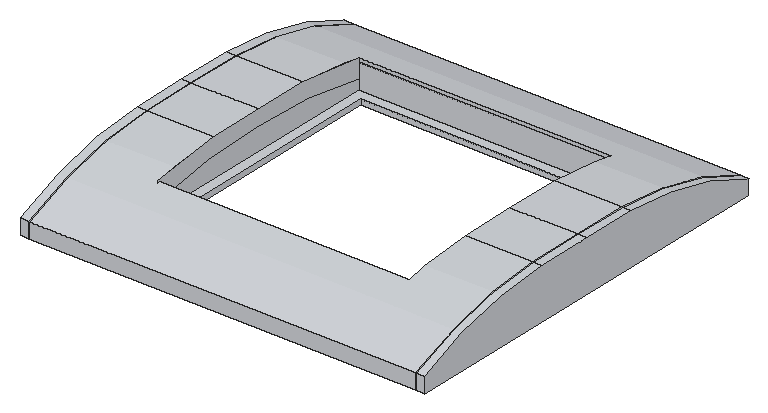
Revit family "Gira_100213", category Electrical Fixtures, host Face, Revit 2017
Family settings
  Host = Face
  Maintain Annotation Orientation = No
  Round Connector Dimension = Use Diameter
  Part Type = Normal
  Cut with Voids When Loaded = No
  Shared = No
  Room Calculation Point = No
Parameters (values of type "Cov.fr. 2-g w/o cb interm.fr. AN Gira Event Opaque dark brown")
  With mounting grid = "No"
  With hinged lid = "No"
  URL = "http://katalog.gira.de/en/datenblatt.html?artikelnr=100213"
  Type of fastening = "Clamp mounting"
  Transparent = "No"
  Surface protection = "Other"
  Suitable for wall duct = "No"
  Suitable for flush-mounted installation = "Yes"
  Suitable for floor box = "No"
  Suitable for built-in installation = "No"
  Number of units vertical = "2"
  Number of units horizontal = "2"
  Number of units = "2"
  Name = "Cov.fr. 2-g w/o cb interm.fr. AN Gira Event Opaque dark brown"
  Mounting direction = "Horizontal and vertical"
  Material quality = "Thermoplastic"
  Material = "Plastic"
  Manufacturer URL = "https://www.gira.de/"
  Manufacturer = "Gira"
  Label space/information surface = "No"
  Keynote = ""
  HeinzeBIM = "https://bimportal.heinze.de/bim/cov-fr-2-g-w-o-cb-interm-fr-an-gira-event-opaque-dark-brown/c50de7bd685c5fb61efdd2f61169c3ebc1b62d2a"
  Halogen free = "Yes"
  HAN = "100213"
  GTIN = "4010337003373"
  Description = "Cov.fr.2g w o cb i.fr.AN EvOp DBN,Gira Event Opaque frames,dark brown with anthracite intermediate frame,2-gang without crossbar,Features:,- Shatter-proof."
  Degree of protection (IP) = "IP20"
  Default Elevation = 1219.2 mm
  Data sheet (1) = "https://katalog.gira.de/en/download.html?artikelnr=100213"
  Colour = "Brown"
  Category = "Cover frame for domestic switching devices"
  BIM (1) = "https://media.stage.bim.site/public/gira/36a6b08/Event_Rahmen_2fach o.Mittelsteg.rfa?public/gira/36a6b08/Event_Rahmen_2fach o.Mittelsteg.rfa"
  Available = "No"
Reference planes
  plane 1 "Center (Front/Back)": y = 0
  plane 2: z = 0
  plane 3 "Center (Left/Right)": x = 0
Forms (mm)
  Extrusion 1, solid, detail levels fine
    sketch origin (0, 0, 1.55) x (0, 1, 0) y (0, 0, 1)
      loop
        arc (12.445, 9.683) -> (6.223, 9.833) -> (0, 9.85) r 291.636
        arc (0, 9.85) -> (-6.223, 9.833) -> (-12.445, 9.683) r 291.636
        arc (-12.445, 9.683) -> (-29.14, 7.482) -> (-45, 1.823) r 79.728
        line (-45, 1.823) -> (-45, -1.55) -> (-41.777, -1.55) -> (-41.777, -0.55)
        arc (-41.777, -0.55) -> (-21.205, 4.846) -> (0, 6.467) r 118.15
        arc (0, 6.467) -> (21.205, 4.846) -> (41.777, -0.55) r 118.15
        line (41.777, -0.55) -> (41.777, -1.55) -> (45, -1.55) -> (45, 1.823)
        arc (45, 1.823) -> (29.14, 7.482) -> (12.445, 9.683) r 79.728
    from -43 to 43
  Extrusion 2, void, detail levels fine
    sketch origin (0, 0, 0) x (1, 0, 0) y (0, 1, 0)
      loop
        line (-28, -28) -> (28, -28) -> (28, 28) -> (-28, 28) -> (-28, -28)
    from 2.85 to 12
  Extrusion 3, solid, detail levels coarse
    sketch origin (0, 0, 0) x (1, 0, 0) y (0, 1, 0)
      loop
        line (-45, 45) -> (-45, -45) -> (45, -45) -> (45, 45) -> (-45, 45)
    from 0 to 11.4
  Extrusion 4, solid, detail levels medium
    sketch origin (0, 0, 1.55) x (0, 1, 0) y (0, 0, 1)
      loop
        arc (12.445, 9.683) -> (6.223, 9.833) -> (0, 9.85) r 291.636
        arc (0, 9.85) -> (-6.223, 9.833) -> (-12.445, 9.683) r 291.636
        arc (-12.445, 9.683) -> (-29.14, 7.482) -> (-45, 1.823) r 79.728
        line (-45, 1.823) -> (-45, -1.55) -> (45, -1.55) -> (45, 1.823)
        arc (45, 1.823) -> (29.14, 7.482) -> (12.445, 9.683) r 79.728
    from -45 to 45
  Extrusion 5, solid, detail levels fine
    sketch origin (0, 0, 0) x (0, 1, 0) y (0, 0, 1)
      loop
        arc (45, 3.373) -> (29.14, 9.032) -> (12.445, 11.233) r 79.728
        arc (12.445, 11.233) -> (6.223, 11.383) -> (0, 11.4) r 291.636
        arc (0, 11.4) -> (-6.223, 11.383) -> (-12.445, 11.233) r 291.636
        arc (-12.445, 11.233) -> (-29.14, 9.032) -> (-45, 3.373) r 79.728
        line (-45, 3.373) -> (-45, 0) -> (45, 0) -> (45, 3.373)
    from 43 to 45
  Extrusion 6, solid, detail levels fine
    sketch origin (0, 0, 0) x (0, 1, 0) y (0, 0, -1)
      loop
        line (45, -3.373) -> (45, 0) -> (-45, 0) -> (-45, -3.373)
        arc (-45, -3.373) -> (-29.14, -9.032) -> (-12.445, -11.233) r 79.728
        arc (-12.445, -11.233) -> (-6.223, -11.383) -> (0, -11.4) r 291.636
        arc (0, -11.4) -> (6.223, -11.383) -> (12.445, -11.233) r 291.636
        arc (12.445, -11.233) -> (29.14, -9.032) -> (45, -3.373) r 79.728
    from 43 to 45
  Extrusion 7, solid, detail levels fine
    sketch origin (0, 0, 0) x (1, 0, 0) y (0, 1, 0)
      loop
        line (-25.7, 25.7) -> (-25.7, -25.7) -> (25.7, -25.7) -> (25.7, 25.7) -> (-25.7, 25.7)
      loop
        line (-29.495, 27.895) -> (-29.495, -27.895)
        spline (-29.495, -27.895) -> (-29.486, -28.025) -> (-29.461, -28.154) -> (-29.419, -28.278) -> (-29.361, -28.395) -> (-29.288, -28.504) -> (-29.202, -28.602) -> (-29.104, -28.688) -> (-28.995, -28.761) -> (-28.878, -28.819) -> (-28.754, -28.861) -> (-28.625, -28.886) -> (-28.495, -28.895)
        line (-28.495, -28.895) -> (28.495, -28.895)
        spline (28.495, -28.895) -> (28.625, -28.886) -> (28.754, -28.861) -> (28.878, -28.819) -> (28.995, -28.761) -> (29.104, -28.688) -> (29.202, -28.602) -> (29.288, -28.504) -> (29.361, -28.395) -> (29.419, -28.278) -> (29.461, -28.154) -> (29.486, -28.025) -> (29.495, -27.895)
        line (29.495, -27.895) -> (29.495, 27.895)
        spline (29.495, 27.895) -> (29.486, 28.025) -> (29.461, 28.154) -> (29.419, 28.278) -> (29.361, 28.395) -> (29.288, 28.504) -> (29.202, 28.602) -> (29.104, 28.688) -> (28.995, 28.761) -> (28.878, 28.819) -> (28.754, 28.861) -> (28.625, 28.886) -> (28.495, 28.895)
        line (28.495, 28.895) -> (-28.495, 28.895)
        spline (-28.495, 28.895) -> (-28.625, 28.886) -> (-28.754, 28.861) -> (-28.878, 28.819) -> (-28.995, 28.761) -> (-29.104, 28.688) -> (-29.202, 28.602) -> (-29.288, 28.504) -> (-29.361, 28.395) -> (-29.419, 28.278) -> (-29.461, 28.154) -> (-29.486, 28.025) -> (-29.495, 27.895)
    from 1.673 to 8.5
Cuts and joins
  Extrusion 2 cuts Extrusion 1
  Extrusion 2 cuts Extrusion 7
Dimensions and locks
  aligned and locked: plane 2 to host face
  aligned and locked: level to host face
